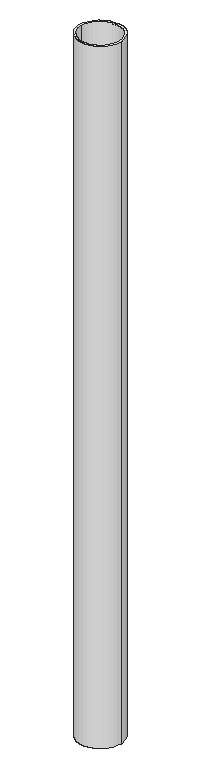
Revit family
Parameters (values of type "PIPE152STD")
  기둥 재료 [instance] = 금속 - 스틸 - 345 MPa
  Assembly Code = ""
  A = 0.004 m²
  게이지 = "표준"
  ID = 154 mm
  W = 0.277
  OD = 168 mm
  t = 7.1 mm
Types (2, lengths in mm): name | A | ID | W | OD | t
  PIPE102STD | 0.002 m² | 102 | 0.158 | 114 | 6
  PIPE152STD | 0.004 m² | 154 | 0.277 | 168 | 7.1
Reference planes
  plane 1 "중심(앞/뒤)": y = 0
  plane 2: z = 0
  plane 3 "중심(왼쪽/오른쪽)": x = 0
  plane 4: x = -84
  plane 5: x = 84
  plane 6: y = 84
  plane 7: y = -84
  plane 8: x = -76.9
  plane 9: x = 76.9
Forms (mm)
  Extrusion 1, solid, material "금속 - 스틸 - 345 MPa" <- "기둥 재료", detail levels medium+fine
    sketch origin (0, 0, 0) x (1, 0, 0) y (0, 1, 0)
      loop
        circle (0, 0) r 84
      loop
        circle (0, 0) r 76.9
    from 0 to 2500
Lines and regions (mm)
  symbolic lines, style "StructuralColumnStickSymbols", detail levels coarse
    curve 1: arc (-84, 0, 0) -> (0, -84, 0) -> (84, 0, 0) r 84
    curve 2: arc (84, 0, 0) -> (0, 84, 0) -> (-84, 0, 0) r 84
Dimensions and locks
  equal spacing: plane 4, plane 3 "중심(왼쪽/오른쪽)", plane 5
  equal spacing: plane 7, plane 1 "중심(앞/뒤)", plane 6
  "OD": plane 7 to plane 6
  "OD": plane 4 to plane 5
  "t": plane 4 to plane 8
  "t": plane 9 to plane 5
  aligned and locked: level to Extrusion 1
  aligned and locked: level to plane 2
  aligned and locked: Extrusion 1 to plane 2
  aligned and locked: curve 1 to Extrusion 1
Automatic sketch dimensions
  Extrusion 1 sketch curve to plane 1 "중심(앞/뒤)" = 0 mm  (x2)
  Extrusion 1 sketch curve to plane 4 = 0 mm
  Extrusion 1 sketch curve to plane 8 = 0 mm
  Extrusion 1 sketch curve to plane 3 "중심(왼쪽/오른쪽)" = 0 mm  (x2)
